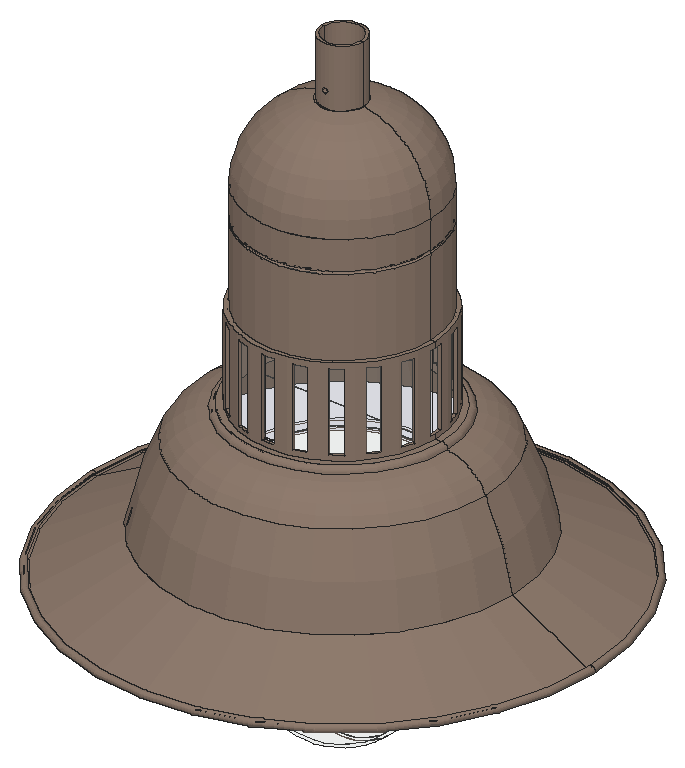
Revit family "BVB02-PDLC", category Generic Models, Revit 2014
Parameters
  REFLECTOR = Paint
  GLASS = Glass
  BELL = Bronze, Architectural
Reference planes (in)
  plane 1 "Center (Front/Back)": y = 0
  plane 2: z = 0
  plane 3 "Center (Left/Right)": x = 0
Forms (in)
  Revolve 1, solid, material "Bronze, Architectural" <- "BELL"
    sketch origin (-0.00127, 0, 0.00014) x (1, 0, 0) y (0, 0, 1)
      loop
        line (-0.69, 20.44079) -> (-1.06695, 20.44079)
        arc (-1.06695, 20.44079) -> (-3.33816, 19.18833) -> (-4.24117, 16.75696) r 3.72474
        line (-4.24117, 16.75696) -> (-4.24117, 15.38747)
        arc (-4.24117, 15.38747) -> (-4.17741, 15.32371) -> (-4.24117, 15.25995) r 0.06376
        line (-4.24117, 15.25995) -> (-4.24117, 11.57876) -> (-4.11617, 11.57876) -> (-4.11617, 15.18227)
        arc (-4.11617, 15.18227) -> (-4.05241, 15.32371) -> (-4.11617, 15.46515) r 0.18876
        line (-4.11617, 15.46515) -> (-4.11617, 16.75696)
        arc (-4.11617, 16.75696) -> (-3.24646, 19.10325) -> (-1.05758, 20.31579) r 3.59974
        line (-1.05758, 20.31579) -> (-0.69, 20.31579) -> (-0.69, 20.44079)
      axis (0, 11.57876) -> (0, 20.44079)
    angle from 0 to 360
  Revolve 2, solid, material "Bronze, Architectural" <- "BELL"
    sketch origin (-0.00127, 0, 0.00014) x (1, 0, 0) y (0, 0, 1)
      loop
        line (-0.875, 20.44079) -> (-0.875, 23.19192) -> (-1, 23.19192) -> (-1, 20.44079) -> (-0.875, 20.44079)
      axis (0, 23.19192) -> (0, 20.44079)
    angle from 0 to 360
  Extrusion 3, void
    sketch origin (-0.00127, 0, 0.00014) x (1, 0, 0) y (0, 0, 1)
      loop
        circle (0, 21.19192) r 0.12446
    from -1.10012 to 1.11443
  Revolve 4, solid, material "Bronze, Architectural" <- "BELL"
    sketch origin (-0.00127, 0, 0.00014) x (1, 0, 0) y (0, 0, 1)
      loop
        line (4.11617, 11.57876) -> (4.11617, 11.45376) -> (4.318, 11.45376) -> (4.318, 7.2717) -> (4.75437, 7.2717)
        arc (4.75437, 7.2717) -> (4.87736, 7.18264) -> (4.83112, 7.03801) r 0.12945
        arc (4.83112, 7.03801) -> (5.95397, 6.64895) -> (6.76132, 5.77696) r 2.44805
        arc (6.76132, 5.77696) -> (7.53656, 3.9065) -> (8.03943, 1.94519) r 14.27815
        line (8.03943, 1.94519) -> (11.69205, 0.02862)
        arc (11.69205, 0.02862) -> (11.78465, 0.00274) -> (11.87943, -0.01337) r 0.92235
        arc (11.87943, -0.01337) -> (12.04987, 0.18741) -> (11.79894, 0.26736) r 0.15823
        line (11.79894, 0.26736) -> (11.87702, 0.16974)
        arc (11.87702, 0.16974) -> (11.92971, 0.15295) -> (11.89392, 0.11079) r 0.03323
        arc (11.89392, 0.11079) -> (11.81665, 0.12368) -> (11.74102, 0.14409) r 0.79735
        line (11.74102, 0.14409) -> (8.15134, 2.02763)
        arc (8.15134, 2.02763) -> (7.64507, 3.97612) -> (6.87206, 5.83499) r 14.40315
        arc (6.87206, 5.83499) -> (6.09285, 6.70585) -> (5.00882, 7.14225) r 2.57305
        arc (5.00882, 7.14225) -> (4.93429, 7.32217) -> (4.75437, 7.3967) r 0.25445
        line (4.75437, 7.3967) -> (4.443, 7.3967) -> (4.443, 11.57876) -> (4.11617, 11.57876)
      axis (0, 11.57876) -> (0, -0.01337)
    angle from 0 to 360
  Extrusion 5, void
    sketch origin (-0.00127, 0, 0.00014) x (1, 0, 0) y (0, 0, 1)
      loop
        line (0.3125, 11.32069) -> (-0.3125, 11.32069) -> (-0.3125, 7.63925) -> (0.3125, 7.63925) -> (0.3125, 11.32069)
    from 4.19823 to 4.54183
  Extrusion 6, void
    sketch origin (-0.00127, 0, 0.00014) x (-1, 0, 0) y (0, 0, 1)
      loop
        line (0.3125, 11.32069) -> (-0.3125, 11.32069) -> (-0.3125, 7.63925) -> (0.3125, 7.63925) -> (0.3125, 11.32069)
    from 4.19823 to 4.54183
  Extrusion 7, void
    sketch origin (-0.00127, 0, 0.00014) x (0.951057, 0.309017, 0) y (0, 0, 1)
      loop
        line (0.3125, 11.32069) -> (-0.3125, 11.32069) -> (-0.3125, 7.63925) -> (0.3125, 7.63925) -> (0.3125, 11.32069)
    from 4.19823 to 4.54183
  Extrusion 8, void
    sketch origin (-0.00127, 0, 0.00014) x (-0.951057, -0.309017, 0) y (0, 0, 1)
      loop
        line (0.3125, 11.32069) -> (-0.3125, 11.32069) -> (-0.3125, 7.63925) -> (0.3125, 7.63925) -> (0.3125, 11.32069)
    from 4.19823 to 4.54183
  Extrusion 9, void
    sketch origin (-0.00127, 0, 0.00014) x (0.809017, 0.587785, 0) y (0, 0, 1)
      loop
        line (0.3125, 11.32069) -> (-0.3125, 11.32069) -> (-0.3125, 7.63925) -> (0.3125, 7.63925) -> (0.3125, 11.32069)
    from 4.19823 to 4.54183
  Extrusion 10, void
    sketch origin (-0.00127, 0, 0.00014) x (-0.809017, -0.587785, 0) y (0, 0, 1)
      loop
        line (0.3125, 11.32069) -> (-0.3125, 11.32069) -> (-0.3125, 7.63925) -> (0.3125, 7.63925) -> (0.3125, 11.32069)
    from 4.19823 to 4.54183
  Extrusion 11, void
    sketch origin (-0.00127, 0, 0.00014) x (0.587785, 0.809017, 0) y (0, 0, 1)
      loop
        line (0.3125, 11.32069) -> (-0.3125, 11.32069) -> (-0.3125, 7.63925) -> (0.3125, 7.63925) -> (0.3125, 11.32069)
    from 4.19823 to 4.54183
  Extrusion 12, void
    sketch origin (-0.00127, 0, 0.00014) x (-0.587785, -0.809017, 0) y (0, 0, 1)
      loop
        line (0.3125, 11.32069) -> (-0.3125, 11.32069) -> (-0.3125, 7.63925) -> (0.3125, 7.63925) -> (0.3125, 11.32069)
    from 4.19823 to 4.54183
  Extrusion 13, void
    sketch origin (-0.00127, 0, 0.00014) x (0.309017, 0.951057, 0) y (0, 0, 1)
      loop
        line (0.3125, 11.32069) -> (-0.3125, 11.32069) -> (-0.3125, 7.63925) -> (0.3125, 7.63925) -> (0.3125, 11.32069)
    from 4.19823 to 4.54183
  Extrusion 14, void
    sketch origin (-0.00127, 0, 0.00014) x (-0.309017, -0.951057, 0) y (0, 0, 1)
      loop
        line (0.3125, 11.32069) -> (-0.3125, 11.32069) -> (-0.3125, 7.63925) -> (0.3125, 7.63925) -> (0.3125, 11.32069)
    from 4.19823 to 4.54183
  Extrusion 15, void
    sketch origin (-0.00127, 0, 0.00014) x (0, 1, 0) y (0, 0, 1)
      loop
        line (0.3125, 11.32069) -> (-0.3125, 11.32069) -> (-0.3125, 7.63925) -> (0.3125, 7.63925) -> (0.3125, 11.32069)
    from 4.19823 to 4.54183
  Extrusion 16, void
    sketch origin (-0.00127, 0, 0.00014) x (0, -1, 0) y (0, 0, 1)
      loop
        line (0.3125, 11.32069) -> (-0.3125, 11.32069) -> (-0.3125, 7.63925) -> (0.3125, 7.63925) -> (0.3125, 11.32069)
    from 4.19823 to 4.54183
  Extrusion 17, void
    sketch origin (-0.00127, 0, 0.00014) x (-0.309017, 0.951057, 0) y (0, 0, 1)
      loop
        line (0.3125, 11.32069) -> (-0.3125, 11.32069) -> (-0.3125, 7.63925) -> (0.3125, 7.63925) -> (0.3125, 11.32069)
    from 4.19823 to 4.54183
  Extrusion 18, void
    sketch origin (-0.00127, 0, 0.00014) x (0.309017, -0.951057, 0) y (0, 0, 1)
      loop
        line (0.3125, 11.32069) -> (-0.3125, 11.32069) -> (-0.3125, 7.63925) -> (0.3125, 7.63925) -> (0.3125, 11.32069)
    from 4.19823 to 4.54183
  Extrusion 19, void
    sketch origin (-0.00127, 0, 0.00014) x (-0.587785, 0.809017, 0) y (0, 0, 1)
      loop
        line (0.3125, 11.32069) -> (-0.3125, 11.32069) -> (-0.3125, 7.63925) -> (0.3125, 7.63925) -> (0.3125, 11.32069)
    from 4.19823 to 4.54183
  Extrusion 20, void
    sketch origin (-0.00127, 0, 0.00014) x (0.587785, -0.809017, 0) y (0, 0, 1)
      loop
        line (0.3125, 11.32069) -> (-0.3125, 11.32069) -> (-0.3125, 7.63925) -> (0.3125, 7.63925) -> (0.3125, 11.32069)
    from 4.19823 to 4.54183
  Extrusion 21, void
    sketch origin (-0.00127, 0, 0.00014) x (-0.809017, 0.587785, 0) y (0, 0, 1)
      loop
        line (0.3125, 11.32069) -> (-0.3125, 11.32069) -> (-0.3125, 7.63925) -> (0.3125, 7.63925) -> (0.3125, 11.32069)
    from 4.19823 to 4.54183
  Extrusion 22, void
    sketch origin (-0.00127, 0, 0.00014) x (0.809017, -0.587785, 0) y (0, 0, 1)
      loop
        line (0.3125, 11.32069) -> (-0.3125, 11.32069) -> (-0.3125, 7.63925) -> (0.3125, 7.63925) -> (0.3125, 11.32069)
    from 4.19823 to 4.54183
  Extrusion 23, void
    sketch origin (-0.00127, 0, 0.00014) x (-0.951057, 0.309017, 0) y (0, 0, 1)
      loop
        line (0.3125, 11.32069) -> (-0.3125, 11.32069) -> (-0.3125, 7.63925) -> (0.3125, 7.63925) -> (0.3125, 11.32069)
    from 4.19823 to 4.54183
  Extrusion 24, void
    sketch origin (-0.00127, 0, 0.00014) x (0.951057, -0.309017, 0) y (0, 0, 1)
      loop
        line (0.3125, 11.32069) -> (-0.3125, 11.32069) -> (-0.3125, 7.63925) -> (0.3125, 7.63925) -> (0.3125, 11.32069)
    from 4.19823 to 4.54183
  Revolve 25, solid, material "Glass" <- "GLASS"
    sketch origin (-0.00127, 0, 0.00014) x (1, 0, 0) y (0, 0, 1)
      loop
        line (4.318, 7.2717) -> (4.318, 11.45376) -> (0, 11.45376) -> (0, 7.2717) -> (4.318, 7.2717)
      axis (0, 11.45376) -> (0, 7.2717)
    angle from 0 to 360
  Revolve 26, solid, material "Glass" <- "GLASS"
    sketch origin (-0.00303, 0, -0.00254) x (1, 0, 0) y (0, 0, 1)
      loop
        line (-4.37778, 4.30533) -> (-4.37778, 4.18033) -> (-3.84586, 4.18033) -> (-3.49926, -3.53916)
        arc (-3.49926, -3.53916) -> (-2.42051, -5.9129) -> (0, -6.88217) r 3.5
        line (0, -6.88217) -> (0, -6.75717)
        arc (0, -6.75717) -> (-2.33413, -5.82255) -> (-3.37438, -3.53355) r 3.375
        line (-3.37438, -3.53355) -> (-3.72635, 4.30533) -> (-4.37778, 4.30533)
      axis (0, 4.30533) -> (0, -6.88217)
    angle from 0 to 360
  Revolve 27, solid, material "Paint" <- "REFLECTOR"
    sketch origin (0, 0, 0) x (1, 0, 0) y (0, 0, 1)
      loop
        line (3.84283, 4.17779) -> (3.84283, 4.09003) -> (7.47099, 4.09003) -> (7.43905, 4.17779) -> (3.84283, 4.17779)
      axis (0, 4.17779) -> (0, 4.09003)
    angle from 0 to 360
  Revolve 28, solid, material "Paint" <- "REFLECTOR"
    sketch origin (0, 0, 0) x (1, 0, 0) y (0, 0, 1)
      loop
        line (7.47099, 4.09003) -> (7.37164, 4.09003) -> (7.38249, 4.05911)
        arc (7.38249, 4.05911) -> (7.71136, 2.98278) -> (7.95403, 1.8838) r 14.21084
        arc (7.95403, 1.8838) -> (9.71915, 0.95308) -> (11.48762, 0.02877) r 550.89685
        line (11.48762, 0.02877) -> (11.69078, 0.02877)
        arc (11.69078, 0.02877) -> (9.86267, 0.98363) -> (8.03816, 1.94534) r 550.8031
        arc (8.03816, 1.94534) -> (7.79621, 3.0287) -> (7.47099, 4.09003) r 14.30459
      axis (0, 4.09003) -> (0, 0.02877)
    angle from 0 to 360
Cuts and joins
  Extrusion 3 cuts Revolve 2
  Extrusion 5, Extrusion 6, Extrusion 7, Extrusion 8, Extrusion 9, Extrusion 10, Extrusion 11, Extrusion 12, Extrusion 13, Extrusion 14, Extrusion 15, Extrusion 16, Extrusion 17, Extrusion 18, Extrusion 19, Extrusion 20, Extrusion 21, Extrusion 22, Extrusion 23, Extrusion 24 cuts Revolve 4
  Extrusion 5 cuts Revolve 25
Dimensions and locks (in)
  aligned and locked: plane 2 to level
